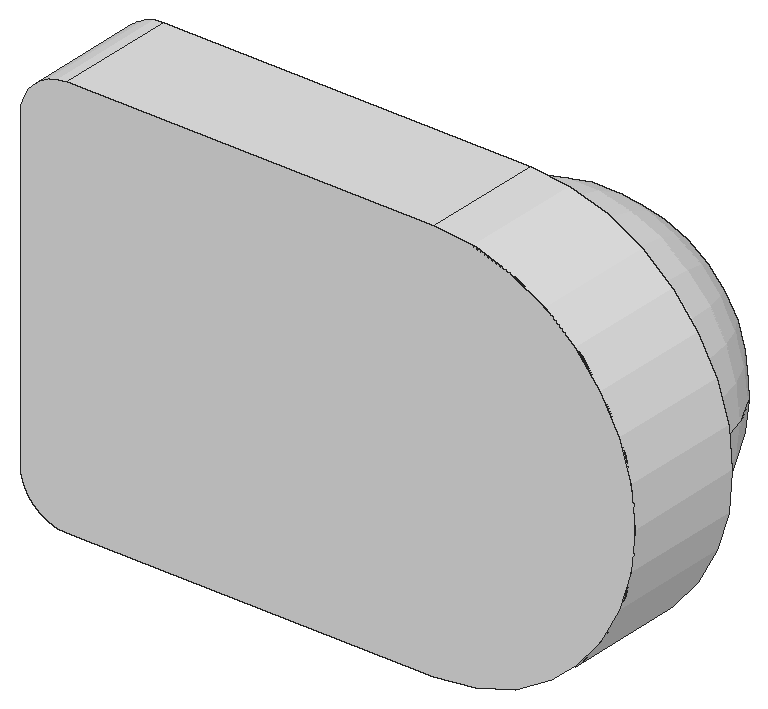
Revit family "252500.02 OSID mottaker 38 grader Vegg", category Fire Alarm Devices, Revit 2016
Family settings
  Maintain Annotation Orientation = No
  Part Type = Normal
  Round Connector Dimension = Use Diameter
  OmniClass Number = 23.85.30.21.11.11.11
  OmniClass Title = Smoke Detectors
  Work Plane-Based = No
  Always vertical = Yes
  Cut with Voids When Loaded = No
  Shared = No
  Room Calculation Point = No
Parameters (values of type "Linjedetektor mottaker")
  Type Comments = "-RY"
  R = CQ Width / 2  # 65 mm
  NVMottaker = yes
  NS8360 = "5423_XN3"
  Manufacturer = "Honeywell"
  Keynote = "XN3"
  H1 = R - 10 mm  # 55 mm
  CQ Høyre = no
  CQFontSymboler = "w"
  CQ Venstre = not(CQ Høyre)  # yes
  CQ Type tekst synlig = yes
  CQ Type = "LD"
  CQ Montering tekst synlig [instance] = no
  CQ Montering [instance] = "HIM"
  CQ Material = Plastic - White
  CQ Width = 130 mm
  CQ Height = 94 mm
  CQ Length = 198 mm
  CQ Coverage Circle Radius = 70000 mm
  CQ Symbol Positive Direction [instance] = yes
  CQ Symbol Offset Side [instance] = 0 mm
  CQ Symbol Offset Out [instance] = 0 mm
  CQ Coverage Circle = no
  CQ 3D Synlig = not(CQ 2D Synlig)  # no
  CQ 2D Synlig = yes
  Assembly Code = "5423"
Reference planes
  plane 1 "Center (Front/Back)": y = 0
  plane 2: z = 0
  plane 3 "Center (Left/Right)": x = 0
  plane 4 "høyre": x = 99
  plane 5 "Venstre": x = -99
  plane 6: x = 89
  plane 7: x = 34
  plane 8: y = 39
  plane 9: z = 65
  plane 10: z = -65
  plane 11: y = 94
Forms (mm)
  Extrusion 1, solid, material "Plastic - White" <- "CQ Material"
    sketch origin (0, 0, 0) x (1, 0, 0) y (0, 0, 1)
      loop
        arc (-84, 65) -> (-94.607, 60.607) -> (-99, 50) r 15
        line (-99, 50) -> (-99, -50)
        arc (-99, -50) -> (-94.607, -60.607) -> (-84, -65) r 15
        line (-84, -65) -> (34, -65)
        arc (34, -65) -> (99, 0) -> (34, 65) r 65
        line (34, 65) -> (-84, 65)
    from 0 to -39
  Revolve 2, solid, material "Plastic - White" <- "CQ Material"
    sketch origin (0, 0, 0) x (1, 0, 0) y (0, 1, 0)
      loop
        line (34, 94) -> (34, 39) -> (89, 39)
        arc (89, 39) -> (72.891, 77.891) -> (34, 94) r 55
      axis (34, 94) -> (34, 39)
    angle from 0 to 360
Cuts and joins
  joined: Extrusion 1, Revolve 2
Lines and regions (mm)
  model lines, style "InvisibleLines"
    curve 1: line (0, 0, 0) -> (0, 0, 5)
    curve 2: line (0, 0, 0) -> (0, -5, 0)
Dimensions and locks
  equal spacing: plane 5 "Venstre", plane 3 "Center (Left/Right)", plane 4 "høyre"  (x2)
  "CQ Length": plane 5 "Venstre" to plane 4 "høyre"
  "H1": plane 6 to plane 7
  locked: plane 6 to plane 4 "høyre" at 10
  equal spacing: plane 10, level, plane 9
  "CQ Width": plane 10 to plane 9
  "H1": plane 8 to plane 11
  "CQ Height": plane 1 "Center (Front/Back)" to plane 11
  "R": radius of Extrusion 1 sketch curve
  radius of Extrusion 1 sketch curve = 15 mm  (x2)
  aligned and locked: level to plane 2
  aligned and locked: plane 3 "Center (Left/Right)" to nested 1
  aligned and locked: plane 1 "Center (Front/Back)" to nested 1
  aligned and locked: nested 2 to plane 3 "Center (Left/Right)"
  aligned and locked: nested 2 to plane 1 "Center (Front/Back)"
  aligned and locked: level to curve 1
  aligned and locked: plane 3 "Center (Left/Right)" to curve 1
  aligned and locked: plane 5 "Venstre" to Extrusion 1 sketch curve
  aligned and locked: plane 9 to Extrusion 1 sketch curve
  aligned and locked: Extrusion 1 sketch curve to plane 10
  aligned and locked: plane 8 to Extrusion 1
  aligned and locked: Revolve 2 sketch curve to plane 7
  aligned and locked: Revolve 2 sketch curve to plane 8
  aligned and locked: plane 7 to Extrusion 1 sketch curve
Automatic sketch dimensions
  level to curve 1 = 5 mm
  plane 1 "Center (Front/Back)" to curve 2 = 0 mm
  curve 2 to plane 3 "Center (Left/Right)" = 0 mm
  plane 1 "Center (Front/Back)" to curve 2 = 5 mm
  Revolve 2 sketch curve to plane 7 = 0 mm
  Revolve 2 sketch curve to plane 6 = 0 mm
  plane 11 to Revolve 2 sketch curve = 115 mm
  Revolve 2 sketch curve to Revolve 2 sketch curve = 35 mm
Nested families
  nested 1: "Linjedetektor Symbol" at (0, 0, 0), visible <- "CQ 2D Synlig", type "Type 1"
  nested 2: "Coverage Circle" at (0, 0, 0), visible <- "CQ Coverage Circle", type "Type 1"
Connectors
  electrical at (0, 0, 0)
    settings: index 1, voltage 0 V, apparent load 0 VA, apparent load phase1 0 VA, apparent load phase2 0 VA, apparent load phase3 0 VA, power factor 1, load classification "Other", number of poles 1, system type 11, power factor state 1, is connector primary yes, connector utility no, sub classification motor no, connector description ""
Definition of nested family "Linjedetektor Symbol"
  Parameters (values of type "Type 1")
    Type tekst synlig = yes
    Type = "LD"
    Sender = not(Mottaker)  # no
    Mottaker = yes
    Montering tekst synlig = no
    Montering = "HIM"
    CQ Symbol Positive Direction = yes
    CQ Symbol Negative Direction = not(CQ Symbol Positive Direction)  # no
    CQ Symbol Offset Side = 0 mm
    CQ Symbol Offset Out = 0 mm
  Reference planes
    plane 1: y = 0
    plane 2: x = 0
  Dimensions and locks
    "CQ Symbol Offset Side": nested 2 to plane 2
    "CQ Symbol Offset Side": plane 2 to nested 1
    "CQ Symbol Offset Out": plane 1 to nested 1
    "CQ Symbol Offset Out": plane 1 to nested 2
  Nested families
    nested 1: "Linjedetektor Sub" at (0, 0, 0), visible <- "CQ Symbol Positive Direction", type "Type1"
    nested 2: "Linjedetektor Sub" at (0, 0, 0), visible <- "CQ Symbol Negative Direction", type "Type1"
  Definition of nested family "Linjedetektor Sub"
    Parameters (values of type "Type1")
      Type tekst synlig = yes
      Type = "LD"
      Sender = yes
      Mottaker = yes
      Montering tekst synlig = no
      Montering = "HIM"
    Reference planes
      plane 1: y = 0
      plane 2: x = 0
    Lines and regions (mm)
      detail lines
        curve 1: line (-2.5, -2.5, 0) -> (2.5, -2.5, 0)
        curve 2: line (2.5, -2.5, 0) -> (2.5, 2.5, 0)
        curve 3: line (2.5, 2.5, 0) -> (-2.5, 2.5, 0)
        curve 4: line (-2.5, 2.5, 0) -> (-2.5, -2.5, 0)
        curve 5: circle (-1.25, -1.5, 0) r 0.25 normal (0, 0, 1)
        curve 6: line (-1.25, -0.75, 0) -> (-1, 1.5, 0)
        curve 7: arc (-1, 1.5, 0) -> (-1.25, 1.75, 0) -> (-1.5, 1.5, 0) r 0.25
        curve 8: line (-1.5, 1.5, 0) -> (-1.25, -0.75, 0)
        curve 9: line (-1.25, 0.5, 0) -> (-1.25, 1.5, 0)
        curve 13: line (1.25, -0.83, 0) -> (2, 0.469, 0)
        curve 14: line (1.25, -0.83, 0) -> (0.5, 0.469, 0)
        curve 15: arc (0.189, 0.231, 0) -> (1.25, 0.67, 0) -> (2.311, 0.231, 0) r 1.5
      detail lines, visible <- "Type tekst synlig"
        curve 10: line (-2.5, -4.5, 0) -> (2.5, -4.5, 0)
        curve 11: line (-2.5, -4.5, 0) -> (-2.5, -2.5, 0)
        curve 12: line (2.5, -4.5, 0) -> (2.5, -2.5, 0)
      detail lines, visible <- "Sender"
        curve 16: line (0.198, 1.5, 0) -> (2.298, 1.5, 0)
        curve 17: line (2.298, 1.5, 0) -> (1.396, 2.021, 0)
        curve 18: line (2.298, 1.5, 0) -> (1.396, 0.979, 0)
      detail lines, visible <- "Mottaker"
        curve 19: line (2.298, -1.5, 0) -> (0.198, -1.5, 0)
        curve 20: line (0.198, -1.5, 0) -> (1.101, -2.021, 0)
        curve 21: line (0.198, -1.5, 0) -> (1.101, -0.979, 0)
    Nested families
      nested 1: "txt 1_50" at (3.379, 2.424, 0), visible <- "Montering tekst synlig", Type Name <- "Montering", type "txt"
      nested 2: "txt 1_50" at (-1.901, -3.637, 0), visible <- "Type tekst synlig", Type Name <- "Type", type "txt"
        with Type Name "LD"
    Definition of nested family "txt 1_50"
      Parameters (values of type "txt")
        Type Name [instance] = "HIM"
      Reference planes
        plane 1: y = 0
        plane 2: x = 0
      Text (mm)
        label "TXT" at (1.952, 0, 0), shows "Type Name"
Definition of nested family "Coverage Circle"
  Parameters
    Radius = 3250 mm
  Reference planes
    plane 1 "Center (Front/Back)": y = 0
    plane 2: z = 0
    plane 3 "Center (Left/Right)": x = 0
  Lines and regions (mm)
    detail lines, in view "Ref. Level"
      curve 1: circle (0, 0, 0) r 3250 normal (0, 0, 1)
  Dimensions and locks
    "Radius": radius of curve 1
    aligned and locked: plane 1 "Center (Front/Back)" to curve 1
    aligned and locked: plane 3 "Center (Left/Right)" to curve 1
